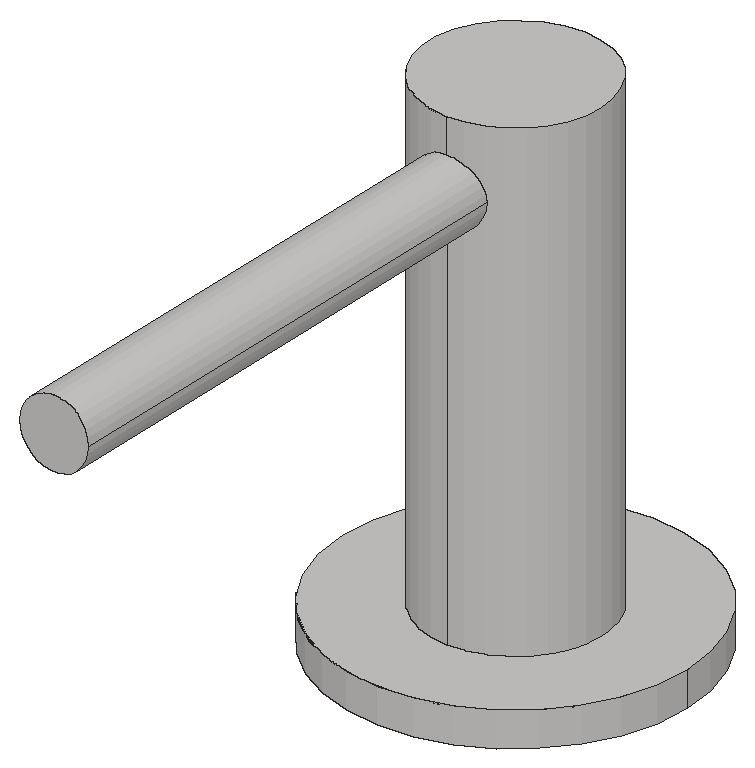
Revit family "T36", category Generic Models, Revit 2021
Family settings
  Can host rebar = No
  Round Connector Dimension = Use Diameter
  Part Type = Normal
  Work Plane-Based = No
  Always vertical = Yes
  Cut with Voids When Loaded = No
  Shared = No
  Room Calculation Point = No
Parameters
  e-mail = "info@vola.com"
  URL = "http://vola.com"
  Telephone = "+45 7023 5500"
  Quality management standard = "ISO 9001"
  Organisation no. / DUNS no. = "17531328"
  Occupational health and safety management standard = "ISO 18001"
  Mounting Instructions = "http://vola.com/service/producturl.ashx?name=T36"
  Model = "T36"
  Materials and components information = "http://vola.com/service/producturl.ashx?name=T36"
  Manufacturer = "VOLA A/S"
  Maintenance Instructions = "http://vola.com/service/producturl.ashx?name=T36"
  Guarantee = "2 years"
  Environmental management standard = "ISO 14000"
  Default Elevation = 0.00 mm
  Connection - All relevant connections = ""
  Approvals = "http://vola.com/service/producturl.ashx?name=T36"
Reference planes
  plane 1 "Center (Front/Back)": y = 0
  plane 2: z = 0
  plane 3 "Center (Left/Right)": x = 0
Forms (mm)
  Extrusion 1, solid, material "Stainless Steel"
    sketch origin (0, 0, 0) x (1, 0, 0) y (0, 1, 0)
      loop
        circle (0, 0) r 20
    from 0 to 4
  Extrusion 2, solid, material "Stainless Steel"
    sketch origin (-4, -5, 4) x (1, 0, 0) y (0, 1, 0)
      loop
        circle (4, 5) r 10
    from 0 to 55
  Extrusion 3, solid, material "Stainless Steel"
    sketch origin (0, 0, 0) x (1, 0, 0) y (0, 0, 1)
      loop
        circle (0, 51) r 4
    from 0 to 67
Cuts and joins
  joined: Extrusion 2, Extrusion 3
Dimensions and locks
  aligned and locked: plane 2 to level
